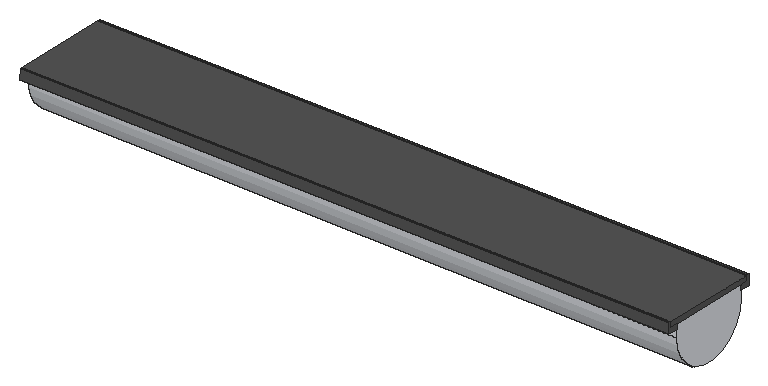
Revit family "Drain-Trench_MultiDrain_EconoDrain-12-PT2", category Site, host Face, Revit 2026
Family settings
  Host = Face
  Round Connector Dimension = Use Diameter
  Part Type = Normal
  Classification Number = 23.10.10.12
  Cut with Voids When Loaded = No
  Shared = No
Parameters
  uphillmitre [instance] = if(Uphill Miter Angle = 0.00°, 0' 0", Uphill Trench Depth + 0' 4")  # 0' - 0"
  uphillmiteradjust [instance] = if(Uphill Miter Angle = 0.00°, 0' 0", (0' 0 1/4" * tan(Uphill Miter Angle)))  # 0' - 0"
  trenchrad = Trench Width / 2  # 0' - 5 31/32"
  squarecontrol [instance] = 0' - 0"  # constant formula
  roundcontrol [instance] = 0' - 0"  # constant formula
  downhillmitre [instance] = if(Downhill Miter Angle = 0.00°, 0' 0", Downhill Trench Depth + 0' 4")  # 0' - 0"
  downhillmiteradjust [instance] = if(Downhill Miter Angle = 0.00°, 0' 0", (0' 0 1/4" * tan(Downhill Miter Angle)))  # 0' - 0"
  Warranty Duration (Years) = 0
  Uphill Trench Depth_Minimum = 0' - 8"
  Uphill Trench Depth_Maximum = 0' - 8 1/2"
  Uphill Trench Depth [instance] = 0' - 8"
  Uphill Miter Angle [instance] = 0.00°
  Unit Width = 0' - 0"
  Unit Slope_Percentage [instance] = 0.005
  Unit Length [instance] = 8' - 0"
  URL = "http://www.multidrainsystems.com/"
  Trench Width = 0' - 11 15/16"
  Test Data = ""
  Square Base [instance] = not(Round Base)  # no
  Specification = "http://www.arcat.com/sdspecs/htm/02600mds.htm"
  SpecWizard = ""
  Send Message = "http://www.arcat.com/users.pl?action=UserEmail&company=MultiDrain+Systems&coid=40880&rep=141&fax=704-508-1011&mf="
  Sales Information = "http://www.multidrainsystems.com/contact-us/"
  Round Base [instance] = yes
  Revision = "R1_12_2013"
  Product Properties = ""
  Product Data = "http://www.arcat.com/arcatcos/cos40/arc40880.html"
  Piping_Water Flow = 0 GPM
  Model = "As Specified"
  Maximum Run = 0' - 0"
  Manufacturer Website = "http://www.multidrainsystems.com/"
  Manufacturer Phone - Toll Free = "800-433-1119"
  Manufacturer Phone = "704-508-1010"
  Manufacturer Fax = "704-508-1011"
  Manufacturer Address = "P. O. Box 7107   Statesville, NC 28687"
  Manufacturer = "MultiDrain Systems"
  Maintenance Schedule (Months) = 0
  Keynote = "02600"
  Installation-Fabrication = ""
  Installation Phase = ""
  Green Building-LEED = ""
  Grate Type [instance] = Drain-Grates_MultiDrain_EconoDrain : Default S12Grate
  Grate Opening Width = 1' - 2 3/16"
  Frame Finish [instance] = Metal - MultiDrain - Black Paint
  Expected Lifespan (Years) = 0
  Drawn By = "Sumex Design, Inc. / Robert S. Weygant, CSI, CDT, SCIP"
  Downhill Trench Depth [instance] = Uphill Trench Depth + (8' 4" * Unit Slope_Percentage)  # 0' - 8 1/2"
  Downhill Miter Angle [instance] = 0.00°
  Description = "MultiDrain Product as Specified"
  Default Elevation = 0' - 0"
  Copyright = "©Arcat Inc."
  Construction Details = "http://www.arcat.com/details/multidra/multidra.html?coid=40880"
  Building Codes = ""
  Assembly Code = "A1030600"
Reference planes (in)
  plane 1 "Center (Front/Back)": y = 0
  plane 2: z = 0
  plane 3 "Uphill": x = 0
  plane 4: y = -7.09375
  plane 5: y = 7.09375
  plane 6 "Downhill": x = 96
  plane 7: z = -8
  plane 8: z = -8.5
  plane 9: y = 5.96875
  plane 10: y = -5.96875
  plane 11: z = 0
  plane 12: z = 0
  plane 13: x = 96
  plane 14: x = 0
Forms (in)
  Extrusion 1, solid, material "Metal - MultiDrain - Black Paint" <- "Frame Finish"
    sketch origin (0, 0, 0) x (0, 1, 0) y (0, 0, 1)
      loop
        line (-7.09375, 0) -> (-7.34375, 0) -> (-7.34375, -1.5) -> (-5.96875, -1.5) -> (-5.96875, -0.75) -> (-7.09375, -0.75) -> (-7.09375, 0)
      loop
        line (7.09375, 0) -> (7.09375, -0.75) -> (5.96875, -0.75) -> (5.96875, -1.5) -> (7.34375, -1.5) -> (7.34375, 0) -> (7.09375, 0)
    from 0 to 96
  Extrusion 2, void
    sketch origin (0, 0, 0) x (1, 0, 0) y (0, 1, 0)
      loop
        line (0, 7.34375) -> (-3, 7.34375) -> (-3, -9.84375) -> (0, -9.84375) -> (0, 7.34375)
    from 1 to 0
  Extrusion 3, void
    sketch origin (0, 0, 0) x (1, 0, 0) y (0, 1, 0)
      loop
        line (96, 7.34375) -> (96, -10.99591) -> (99, -10.99591) -> (99, 7.34375) -> (96, 7.34375)
    from 1 to 0
  Blend 4, solid, visible <- "Square Base"
    base sketch origin (0, 0, 0) x (0, 1, 0) y (0, 0, 1)
      loop
        line (-5.96875, -0.75) -> (-5.96875, -8) -> (5.96875, -8) -> (5.96875, -0.75) -> (-5.96875, -0.75)
    top sketch origin (0, 0, 0) x (0, 1, 0) y (0, 0, 1)
      loop
        line (-5.96875, -0.75) -> (-5.96875, -8.5) -> (5.96875, -8.5) -> (5.96875, -0.75) -> (-5.96875, -0.75)
    from 0 to 96
  Blend 5, solid, visible <- "Round Base"
    base sketch origin (0, 0, 0) x (0, 1, 0) y (0, 0, 1)
      loop
        line (-5.96875, -0.75) -> (-5.96875, -2.03125)
        spline (-5.96875, -2.03125) -> (-5.76537, -3.57608) -> (-5.16909, -5.01563) -> (-4.22054, -6.25179) -> (-2.98438, -7.20034) -> (-1.54483, -7.79662) -> (0, -8) -> (1.54483, -7.79662) -> (2.98437, -7.20034) -> (4.22054, -6.25179) -> (5.16909, -5.01563) -> (5.76537, -3.57608) -> (5.96875, -2.03125)
        line (5.96875, -2.03125) -> (5.96875, -0.75) -> (-5.96875, -0.75)
    top sketch origin (0, 0, 0) x (0, 1, 0) y (0, 0, 1)
      loop
        line (-5.96875, -0.75) -> (-5.96875, -2.53125)
        spline (-5.96875, -2.53125) -> (-5.76537, -4.07608) -> (-5.16909, -5.51563) -> (-4.22054, -6.75179) -> (-2.98438, -7.70034) -> (-1.54483, -8.29662) -> (0, -8.5) -> (1.54483, -8.29662) -> (2.98437, -7.70034) -> (4.22054, -6.75179) -> (5.16909, -5.51563) -> (5.76537, -4.07608) -> (5.96875, -2.53125)
        line (5.96875, -2.53125) -> (5.96875, -0.75) -> (-5.96875, -0.75)
    from 0 to 96
  Extrusion 6, void
    sketch origin (0, 0, 0) x (1, 0, 0) y (0, 1, 0)
      loop
        line (0, 7.34375) -> (0, -7.34375) -> (96, -7.34375) -> (96, 7.34375) -> (0, 7.34375)
    from 0 to -1.5
Cuts and joins
  Extrusion 2, Extrusion 3 cuts Extrusion 1
  Extrusion 2, Extrusion 3 cuts Blend 5
  Extrusion 2, Extrusion 3 cuts Blend 4
Lines and regions (in)
  reference lines
    curve 1: line (0, 7.09375, 0) -> (0, -0.65625, 0)
    curve 2: line (96, 7.09375, 0) -> (96, -2.15625, 0)
  model lines, style "InvisibleLines"
    curve 3: line (0, 0, 0) -> (0, 0, 12)
Dimensions and locks (in)
  "Unit Length": plane 3 "Uphill" to plane 6 "Downhill"
  equal spacing: plane 5, plane 1 "Center (Front/Back)", plane 4
  "Grate Opening Width": plane 5 to plane 4
  "Uphill Trench Depth": level to plane 7
  "Downhill Trench Depth": level to plane 8
  plane 2 to Extrusion 1 sketch curve to Extrusion 1 sketch curve = 0' - 0 3/4" locked, 0' - 0 3/4" locked  (x2)
  equal spacing: plane 9, plane 1 "Center (Front/Back)", plane 10
  "Trench Width": plane 9 to plane 10
  locked: plane 4 to Extrusion 2 sketch curve at 2.75
  locked: Extrusion 2 sketch curve to plane 3 "Uphill" at 3
  "uphillmitre": plane 2 to plane 11
  locked: plane 6 "Downhill" to Extrusion 3 sketch curve at 3
  locked: plane 4 to Extrusion 3 sketch curve at 3.90216
  "downhillmitre": level to plane 12
  locked: level to Blend 4 sketch curve at 0.75  (x2)
  "squarecontrol": Blend 4 sketch curve to plane 7
  "squarecontrol": Blend 4 sketch curve to plane 8
  "trenchrad": Blend 5 sketch curve to Blend 5 sketch curve  (x2)
  "roundcontrol": Blend 5 sketch curve to plane 7
  locked: level to Blend 5 sketch curve at 0.75  (x2)
  "roundcontrol": Blend 5 sketch curve to plane 8
  locked: Extrusion 6 sketch curve to plane 5 at 0.25
  locked: plane 4 to Extrusion 6 sketch curve at 0.25
  "uphillmiteradjust": plane 14 to plane 3 "Uphill"
  "downhillmiteradjust": plane 6 "Downhill" to plane 13
  locked: Extrusion 2 sketch curve to plane 5 at 0.25
  locked: Extrusion 3 sketch curve to plane 5 at 0.25
  locked: Extrusion 1 sketch curve to plane 4 at 0.25
  locked: plane 5 to Extrusion 1 sketch curve at 0.25
  "Uphill Miter Angle": angle plane 3 "Uphill" to curve 1
  "Downhill Miter Angle": angle curve 2 to plane 6 "Downhill"
  aligned and locked: host face to plane 2
  aligned and locked: level to host face
  aligned and locked: Extrusion 1 sketch curve to plane 4
  aligned and locked: Extrusion 1 sketch curve to plane 5
  aligned and locked: plane 2 to Extrusion 1 sketch curve
  aligned and locked: Extrusion 1 sketch curve to plane 2
  aligned: plane 6 "Downhill" to Extrusion 1
  aligned: Extrusion 1 to plane 3 "Uphill"
  aligned and locked: plane 5 to curve 2
  aligned and locked: plane 6 "Downhill" to curve 2
  aligned and locked: plane 3 "Uphill" to curve 1
  aligned and locked: plane 5 to curve 1
  aligned and locked: Extrusion 2 sketch curve to curve 1
  aligned: Extrusion 2 to level
  aligned and locked: Extrusion 2 to plane 11
  aligned and locked: Extrusion 3 sketch curve to curve 2
  aligned and locked: Extrusion 3 to plane 12
  aligned and locked: Blend 4 sketch curve to plane 10  (x2)
  aligned and locked: plane 9 to Blend 4 sketch curve  (x2)
  aligned and locked: plane 6 "Downhill" to Blend 4
  aligned and locked: Blend 4 to plane 3 "Uphill"
  aligned and locked: Blend 5 sketch curve to plane 10  (x2)
  aligned and locked: plane 9 to Blend 5 sketch curve  (x2)
  aligned and locked: Extrusion 6 sketch curve to curve 1
  aligned and locked: Extrusion 6 sketch curve to curve 2
  aligned and locked: Extrusion 1 to plane 13
  aligned and locked: Extrusion 1 to plane 14
  aligned and locked: plane 6 "Downhill" to Blend 5
  aligned and locked: Blend 5 to plane 3 "Uphill"
  aligned: nested 1 to plane 3 "Uphill"
  aligned and locked: plane 1 "Center (Front/Back)" to nested 1
  aligned and locked: plane 3 "Uphill" to nested 1
  aligned and locked: plane 10 to Extrusion 1 sketch curve
  aligned and locked: plane 9 to Extrusion 1 sketch curve
Automatic sketch dimensions
  host sketch curve to host sketch curve = 14' - 11.49507"
  host sketch curve to host sketch curve = 8' - 0"
  curve 3 to plane 1 "Center (Front/Back)" = 0' - 0"
  curve 3 to level = 0' - 0"
  curve 3 to curve 3 = 1' - 0"
Nested families (in)
  nested 1: "Drain-Grates_MultiDrain_EconoDrain" at (0, 0, 0), Uphill Miter Angle <- "Uphill Miter Angle", Downhill Miter Angle <- "Downhill Miter Angle", Unit Length <- "Unit Length", type <- "Grate Type", type "Default S12Grate"
    with uphillmitre 0' - 0", downhillmitre 0' - 0", Uphill Miter Angle 0.00°, Unit Length 8' - 0", Downhill Miter Angle 0.00°
Definition of nested family "Drain-Grates_MultiDrain_EconoDrain"
  Parameters
    uphillmitre [instance] = if(Uphill Miter Angle = 0.00°, 0' 0", 0' 1")  # 0' - 0"
    downhillmitre [instance] = if(Downhill Miter Angle = 0.00°, 0' 0", 0' 1")  # 0' - 0"
    Warranty Duration (Years) = 0
    Uphill Miter Angle [instance] = 0.00°
    Unit Length [instance] = 8' - 0"
    URL = "http://www.multidrainsystems.com/"
    Test Data = ""
    Specification = "http://www.arcat.com/sdspecs/htm/02600mds.htm"
    SpecWizard = ""
    Send Message = "http://www.arcat.com/users.pl?action=UserEmail&company=MultiDrain+Systems&coid=40880&rep=141&fax=704-508-1011&mf="
    Sales Information = "http://www.multidrainsystems.com/contact-us/"
    Revision = "R1_12_2013"
    Product Properties = ""
    Product Data = "http://www.arcat.com/arcatcos/cos40/arc40880.html"
    Open Area = 0
    Model = "As Specified"
    Manufacturer Website = "http://www.multidrainsystems.com/"
    Manufacturer Phone - Toll Free = "800-433-1119"
    Manufacturer Phone = "704-508-1010"
    Manufacturer Fax = "704-508-1011"
    Manufacturer Address = "P. O. Box 7107   Statesville, NC 28687"
    Manufacturer = "MultiDrain Systems"
    Maintenance Schedule (Months) = 0
    Keynote = "02600"
    Installation-Fabrication = ""
    Installation Phase = ""
    Green Building-LEED = ""
    Grate Width = 1' - 2"
    Frame Finish = none
    Expected Lifespan (Years) = 0
    Drawn By = "Sumex Design, Inc. / Robert S. Weygant, CSI, CDT, SCIP"
    Downhill Miter Angle [instance] = 0.00°
    Description = "MultiDrain Product as Specified"
    Default Elevation = 0' - 0"
    Copyright = "©Arcat Inc."
    Construction Details = "http://www.arcat.com/details/multidra/multidra.html?coid=40880"
    Capacity = "Load Rating as Specified"
    Building Codes = ""
    Assembly Code = "A1030600"
    ADA Compliant = no
  Reference planes (in)
    plane 1 "Center (Front/Back)": y = 0
    plane 2: z = 0
    plane 3 "Uphill": x = 0
    plane 4: y = -7
    plane 5: y = 7
    plane 6 "Downhill": x = 96
    plane 7: y = 1.96875
    plane 8: y = -1.96875
    plane 9: z = 0
    plane 10: z = 0
  Forms (in)
    Extrusion 1, solid
      sketch origin (0, 0, 0) x (1, 0, 0) y (0, 1, 0)
        loop
          line (-48, 48) -> (-48, -48) -> (131.49507, -48) -> (131.49507, 48) -> (-48, 48)
      from 0 to -12
    Extrusion 2, solid, material <- "Frame Finish"
      sketch origin (0, 0, 0) x (0, 1, 0) y (0, 0, 1)
        loop
          line (-7, 0) -> (-7, -0.75) -> (7, -0.75) -> (7, 0) -> (-7, 0)
      from 0 to 96
    Extrusion 3, void
      sketch origin (0, 0, 0) x (1, 0, 0) y (0, 1, 0)
        loop
          line (0, 7.25) -> (-3, 7.25) -> (-3, -9.75) -> (0, -9.75) -> (0, 7.25)
      from 1 to 0
    Extrusion 4, void
      sketch origin (0, 0, 0) x (1, 0, 0) y (0, 1, 0)
        loop
          line (96, 7.25) -> (96, -10.90216) -> (99, -10.90216) -> (99, 7.25) -> (96, 7.25)
      from 1 to 0
  Cuts and joins
    Extrusion 3, Extrusion 4 cuts Extrusion 2
  Lines and regions (in)
    reference lines
      curve 1: line (0, 7, 0) -> (0, -0.75, 0)
      curve 2: line (96, 7, 0) -> (96, -2.25, 0)
    model lines
      curve 3: line (0, 0, 0) -> (0, 0, 12)
  Dimensions and locks (in)
    "Unit Length": plane 3 "Uphill" to plane 6 "Downhill"
    equal spacing: plane 5, plane 1 "Center (Front/Back)", plane 4
    "Grate Width": plane 5 to plane 4
    locked: plane 2 to Extrusion 2 sketch curve at 0.75
    equal spacing: plane 7, plane 1 "Center (Front/Back)", plane 8
    plane 7 to plane 8 = 0' - 3 15/16"
    locked: plane 4 to Extrusion 3 sketch curve at 2.75
    locked: Extrusion 3 sketch curve to plane 3 "Uphill" at 3
    "uphillmitre": plane 2 to plane 9
    locked: plane 6 "Downhill" to Extrusion 4 sketch curve at 3
    locked: plane 4 to Extrusion 4 sketch curve at 3.90216
    "downhillmitre": level to plane 10
    locked: Extrusion 3 sketch curve to plane 5 at 0.25
    locked: Extrusion 4 sketch curve to plane 5 at 0.25
    "Uphill Miter Angle": angle plane 3 "Uphill" to curve 1
    "Downhill Miter Angle": angle curve 2 to plane 6 "Downhill"
    aligned and locked: Extrusion 1 to plane 2
    aligned and locked: level to Extrusion 1
    aligned and locked: Extrusion 2 sketch curve to plane 4
    aligned and locked: plane 2 to Extrusion 2 sketch curve
    aligned: plane 6 "Downhill" to Extrusion 2
    aligned: Extrusion 2 to plane 3 "Uphill"
    aligned and locked: plane 5 to curve 2
    aligned and locked: plane 6 "Downhill" to curve 2
    aligned and locked: plane 3 "Uphill" to curve 1
    aligned and locked: plane 5 to curve 1
    aligned and locked: Extrusion 3 sketch curve to curve 1
    aligned: Extrusion 3 to level
    aligned and locked: Extrusion 3 to plane 9
    aligned and locked: Extrusion 4 sketch curve to curve 2
    aligned and locked: Extrusion 4 to plane 10
    aligned and locked: plane 6 "Downhill" to cut or joined group of Extrusion 2, Extrusion 3, Extrusion 4
    aligned and locked: cut or joined group of Extrusion 2, Extrusion 3, Extrusion 4 to plane 3 "Uphill"
  Automatic sketch dimensions
    Extrusion 1 sketch curve to Extrusion 1 sketch curve = 14' - 11.49507"
    Extrusion 1 sketch curve to Extrusion 1 sketch curve = 8' - 0"
    curve 3 to plane 1 "Center (Front/Back)" = 0' - 0"
    curve 3 to level = 0' - 0"
    curve 3 to curve 3 = 1' - 0"
    Extrusion 2 sketch curve to plane 5 = 0' - 0"
